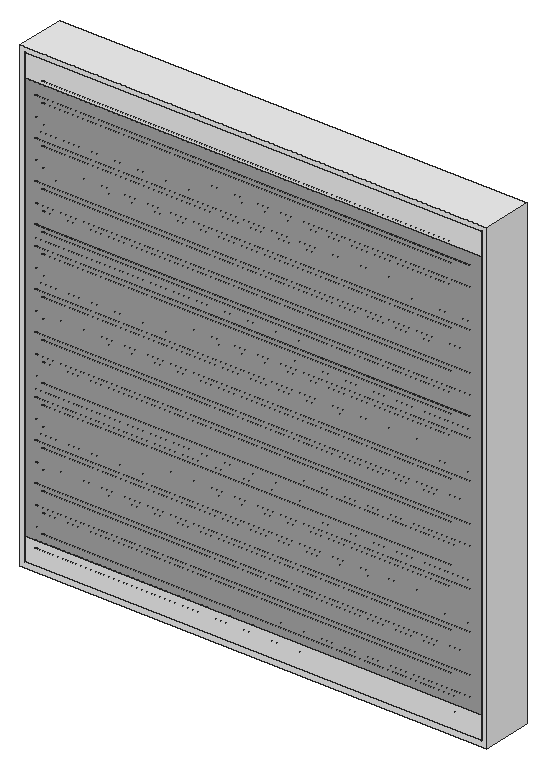
Revit family
Parameters (values of type "Louver_Wind-Drvn-Rn_ECD-445_All-Lite")
  Warranty = "http://www.alllite-louvers.com/All-Lite_Warranty.pdf"
  URL = "http://www.alllite-louvers.com"
  Specifications = "http://www.alllite-louvers.com/catalog/AECD-445-csi-specification.doc"
  Spacing = 0.167 ft
  SmartBIM Object Version = 3  # constant formula
  SmartBIM Object Created By = "Reed Construction Data"  # constant formula
  Shim Thickness = 0.042 ft
  Screen Width = Width - (2 * Shim Thickness) - 2 * 0.072917 ft  # 3.770167 ft
  Screen Height = Height - (2 * 0.239583 ft)  # 3.520833 ft
  Screen = Aluminum
  Rough Width = 0.0 ft
  Rough Height = 0.0 ft
  Product URL = "http://www.alllite-louvers.com/catalog.php?model=ECD-445"
  Pressure Loss (in.wg.) = "0.31"
  OmniClass Title = "Exterior Louvers and Grilles"  # constant formula
  OmniClass Code = "23-60 11 17"  # constant formula
  Model = "ECD-445"  # constant formula
  Minimum Size = "6\" x 8\""
  Maximum Size - Single Section = "60\" x 120\" or 120\" x 60\""
  Maximum Size - Multiple Section = "Unlimited"
  Manufacturer = "All-Lite"  # constant formula
  Blades = Mill finish, 6063-T5 Extruded Aluminum
  Installation = "http://www.alllite-louvers.com/catalog/Installation.pdf"
  Height = 4.0 ft
  Free Area for 48”x48” Louver = "43.3%"
  Free Area Velocity (fpm) = "1250"
  Free Area (ft²) for 48"x48" Louver = 6.9 ft
  Frame = Mill finish, 6063-T5 Extruded Aluminum
  Default Sill Height = 3.0 ft
  Wall Closure = (empty or 0)
  Width = 4.0 ft
  Cut Sheet = "http://www.alllite-louvers.com/catalog/AECD445.pdf"
  Assembly Code = "B2010300"
  Air Volume Delivered (cfm) = "8585"
  95 CSI = "10200 "  # constant formula
  04 CSI = "08 91 00"  # constant formula
  # of Blades = (Height - 0.25 ft) / (Spacing)  # 22
Reference planes (ft)
  plane 1 "Center (Front/Back)": y = 0
  plane 2: z = 0.291667
  plane 3 "Center (Left/Right)": x = 0
  plane 4 "Left": x = -2
  plane 5 "Right": x = 2
  plane 6 "Sill": z = 3.291667
  plane 7 "Top": z = 7.291667
  plane 8: x = -1.958
  plane 9: x = 1.958
  plane 10: z = 7.249667
  plane 11: z = 3.333667
  plane 12: z = 5.291667
  plane 13: z = 3.417
  plane 14: z = 3.458667
  plane 15: z = 7.166333
  plane 16: z = 7.124667
Forms (ft)
  Sweep 1, solid, material "Mill finish, 6063-T5 Extruded Aluminum" <- "Frame"
    path origin (-5, 0.333333, 0) x (-1, 0, 0) y (0, 0, 1)
      loop
        line (-6.958, 7.249667) -> (-3.042, 7.249667)
    profile "Horizontal Mullion : Horizontal Mullion" origin (0, 0.333333, 7.249667) x (0, 0, 1) y (0, 1, 0)
      loop
        line (0, 0) -> (-0.083333, 0) -> (-0.083333, -0.416667) -> (-0.197917, -0.416667) -> (-0.197917, -0.423417) -> (0, -0.423417) -> (0, -0.38175) -> (-0.00675, -0.38175) -> (-0.00675, -0.416667) -> (-0.076583, -0.416667) -> (-0.076583, -0.006628) -> (-0.00675, -0.006628) -> (-0.00675, -0.041545) -> (0, -0.041545) -> (0, 0)
  Sweep 2, solid, material "Mill finish, 6063-T5 Extruded Aluminum" <- "Frame"
    path origin (-5, 0.333333, 0) x (-1, 0, 0) y (0, 0, 1)
      loop
        line (-6.958, 3.333667) -> (-3.042, 3.333667)
    profile "Horizontal Mullion : Horizontal Mullion" origin (0, 0.333333, 3.333667) x (0, 0, 1) y (0, 1, 0)
      loop
        line (0, 0) -> (0, -0.041545) -> (0.00675, -0.041545) -> (0.00675, -0.006628) -> (0.076583, -0.006628) -> (0.076583, -0.416667) -> (0.00675, -0.416667) -> (0.00675, -0.38175) -> (0, -0.38175) -> (0, -0.423417) -> (0.197917, -0.423417) -> (0.197917, -0.416667) -> (0.083333, -0.416667) -> (0.083333, 0) -> (0, 0)
  Sweep 3, solid, material "Mill finish, 6063-T5 Extruded Aluminum" <- "Frame"
    path origin (-5, 0.333333, 0) x (-1, 0, 0) y (0, 0, 1)
      loop
        line (-6.958, 3.417) -> (-6.958, 7.166333)
    profile "Vertical Mullion : Vertical Mullion" origin (1.958, 0.333333, 5.291667) x (1, 0, 0) y (0, 1, 0)
      loop
        line (-0.060752, -0.13838) -> (-0.066666, -0.141633) -> (-0.072917, -0.141633) -> (-0.072917, -0.149068) -> (-0.047462, -0.149068) -> (-0.047462, -0.163238) -> (-0.072917, -0.163238) -> (-0.072917, -0.169988) -> (-0.047462, -0.169988) -> (-0.047462, -0.184154) -> (-0.072917, -0.184154) -> (-0.072917, -0.190904) -> (-0.047462, -0.190904) -> (-0.047462, -0.20507) -> (-0.072917, -0.20507) -> (-0.072917, -0.21182) -> (-0.047462, -0.21182) -> (-0.047462, -0.225983) -> (-0.072917, -0.225983) -> (-0.072917, -0.232733) -> (-0.047462, -0.232733) -> (-0.047462, -0.246896) -> (-0.072917, -0.246896) -> (-0.072917, -0.253646) -> (-0.047462, -0.253646) -> (-0.047462, -0.267809) -> (-0.072917, -0.267809) -> (-0.072917, -0.274559) -> (-0.047462, -0.274559) -> (-0.047462, -0.288724) -> (-0.072917, -0.288724) -> (-0.072917, -0.295474) -> (-0.066666, -0.295474) -> (-0.060752, -0.298727)
        arc (-0.060752, -0.298727) -> (-0.047462, -0.302141) -> (-0.060752, -0.305555) r 0.007083
        line (-0.060752, -0.305555) -> (-0.066666, -0.308808) -> (-0.072917, -0.308808) -> (-0.072917, -0.373107) -> (-0.047462, -0.373107) -> (-0.047462, -0.388594) -> (-0.072917, -0.388594) -> (-0.072917, -0.394432) -> (-0.047462, -0.394432) -> (-0.047462, -0.409918) -> (-0.083333, -0.409918) -> (-0.083333, -0.416667) -> (0, -0.416667) -> (0, -0.389085) -> (-0.00675, -0.389085) -> (-0.00675, -0.409918) -> (-0.040712, -0.409918) -> (-0.040712, -0.366357) -> (-0.066167, -0.366357) -> (-0.066167, -0.315558) -> (-0.040712, -0.315558) -> (-0.040712, -0.121549) -> (-0.066167, -0.121549) -> (-0.066167, -0.070765) -> (-0.040712, -0.070765) -> (-0.040712, -0.049849) -> (0, -0.049849) -> (0, -0.000002) -> (-0.083333, -0.000002) -> (-0.083333, -0.006752) -> (-0.00675, -0.006752) -> (-0.00675, -0.043099) -> (-0.072917, -0.043099) -> (-0.072917, -0.049849) -> (-0.047462, -0.049849) -> (-0.047462, -0.064015) -> (-0.072917, -0.064015) -> (-0.072917, -0.128299) -> (-0.066666, -0.128299) -> (-0.060752, -0.131552)
        arc (-0.060752, -0.131552) -> (-0.047462, -0.134966) -> (-0.060752, -0.13838) r 0.007083
  Sweep 4, solid, material "Mill finish, 6063-T5 Extruded Aluminum" <- "Frame"
    path origin (5, 0.333333, 0) x (1, 0, 0) y (0, 0, -1)
      loop
        line (-6.958, -3.417) -> (-6.958, -7.166333)
    profile "Vertical Mullion : Vertical Mullion" origin (-1.958, 0.333333, 5.291667) x (1, 0, 0) y (0, 1, 0)
      loop
        arc (0.060752, -0.13838) -> (0.047462, -0.134966) -> (0.060752, -0.131552) r 0.007083
        line (0.060752, -0.131552) -> (0.066666, -0.128299) -> (0.072917, -0.128299) -> (0.072917, -0.064015) -> (0.047462, -0.064015) -> (0.047462, -0.049849) -> (0.072917, -0.049849) -> (0.072917, -0.043099) -> (0.00675, -0.043099) -> (0.00675, -0.006752) -> (0.083333, -0.006752) -> (0.083333, -0.000002) -> (0, -0.000002) -> (0, -0.049849) -> (0.040712, -0.049849) -> (0.040712, -0.070765) -> (0.066167, -0.070765) -> (0.066167, -0.121549) -> (0.040712, -0.121549) -> (0.040712, -0.315558) -> (0.066167, -0.315558) -> (0.066167, -0.366357) -> (0.040712, -0.366357) -> (0.040712, -0.409918) -> (0.00675, -0.409918) -> (0.00675, -0.389085) -> (0, -0.389085) -> (0, -0.416667) -> (0.083333, -0.416667) -> (0.083333, -0.409918) -> (0.047462, -0.409918) -> (0.047462, -0.394432) -> (0.072917, -0.394432) -> (0.072917, -0.388594) -> (0.047462, -0.388594) -> (0.047462, -0.373107) -> (0.072917, -0.373107) -> (0.072917, -0.308808) -> (0.066666, -0.308808) -> (0.060752, -0.305555)
        arc (0.060752, -0.305555) -> (0.047462, -0.302141) -> (0.060752, -0.298727) r 0.007083
        line (0.060752, -0.298727) -> (0.066666, -0.295474) -> (0.072917, -0.295474) -> (0.072917, -0.288724) -> (0.047462, -0.288724) -> (0.047462, -0.274559) -> (0.072917, -0.274559) -> (0.072917, -0.267809) -> (0.047462, -0.267809) -> (0.047462, -0.253646) -> (0.072917, -0.253646) -> (0.072917, -0.246896) -> (0.047462, -0.246896) -> (0.047462, -0.232733) -> (0.072917, -0.232733) -> (0.072917, -0.225983) -> (0.047462, -0.225983) -> (0.047462, -0.21182) -> (0.072917, -0.21182) -> (0.072917, -0.20507) -> (0.047462, -0.20507) -> (0.047462, -0.190904) -> (0.072917, -0.190904) -> (0.072917, -0.184154) -> (0.047462, -0.184154) -> (0.047462, -0.169988) -> (0.072917, -0.169988) -> (0.072917, -0.163238) -> (0.047462, -0.163238) -> (0.047462, -0.149068) -> (0.072917, -0.149068) -> (0.072917, -0.141633) -> (0.066666, -0.141633) -> (0.060752, -0.13838)
  Sweep 5, solid, material "Mill finish, 6063-T5 Extruded Aluminum" <- "Frame"
    path origin (-5, 0.333333, 0) x (-1, 0, 0) y (0, 0, 1)
      loop
        line (-3, 7.291667) -> (-7, 7.291667) -> (-7, 3.291667) -> (-3, 3.291667) -> (-3, 7.291667)
    profile origin (-2, 0.333333, 5.291667) x (0, 1, 0) y (-1, 0, 0)
      loop
        line (0, 0) -> (-0.423417, 0) -> (-0.423417, -0.042) -> (0, -0.042) -> (0, 0)
  Extrusion 6, solid, material "Aluminum" <- "Screen"
    sketch origin (-5, 0.333333, 0) x (-1, 0, 0) y (0, 0, 1)
      loop
        line (-3.042, 7.05175) -> (-6.958, 7.05175) -> (-6.958, 3.53125) -> (-3.042, 3.53125) -> (-3.042, 7.05175)
    from -0.423417 to -0.416667
Cuts and joins
  joined: Sweep 2, Sweep 3
Lines and regions (ft)
  Opening 1
    outline origin (-5, -0.333333, 0) x (1, 0, 0) y (0, 0, 1)
      loop
        line (3, 7.291667) -> (3, 3.291667) -> (7, 3.291667) -> (7, 7.291667) -> (3, 7.291667)
  Masking region 1, detail levels coarse+medium
    outline origin (0, 0, 0) x (1, 0, 0) y (0, 1, 0)
      loop
        line (-2, -0.090083) -> (-1.885083, -0.090083) -> (-1.885083, 0.333332) -> (-2, 0.333332) -> (-2, -0.090083)
      loop
        line (1.885083, 0.333333) -> (1.885083, -0.090083) -> (2, -0.090083) -> (2, 0.333333) -> (1.885083, 0.333333)
  Masking region 2, detail levels fine
    outline origin (0, 0, 0) x (1, 0, 0) y (0, 1, 0)
      loop
        line (1.958, 0.333333) -> (1.874667, 0.333333) -> (1.874667, 0.326582) -> (1.95125, 0.326582) -> (1.95125, 0.290234) -> (1.885083, 0.290234) -> (1.885083, 0.283484) -> (1.910538, 0.283484) -> (1.910538, 0.269319) -> (1.885083, 0.269319) -> (1.885083, 0.205034) -> (1.891334, 0.205034) -> (1.897248, 0.201781)
        arc (1.897248, 0.201781) -> (1.910538, 0.198367) -> (1.897248, 0.194953) r 0.007083
        line (1.897248, 0.194953) -> (1.891334, 0.1917) -> (1.885083, 0.1917) -> (1.885083, 0.184266) -> (1.910538, 0.184266) -> (1.910538, 0.170095) -> (1.885083, 0.170095) -> (1.885083, 0.163345) -> (1.910538, 0.163345) -> (1.910538, 0.149179) -> (1.885083, 0.149179) -> (1.885083, 0.142429) -> (1.910538, 0.142429) -> (1.910538, 0.128263) -> (1.885083, 0.128263) -> (1.885083, 0.121513) -> (1.910538, 0.121513) -> (1.910538, 0.10735) -> (1.885083, 0.10735) -> (1.885083, 0.1006) -> (1.910538, 0.1006) -> (1.910538, 0.086437) -> (1.885083, 0.086437) -> (1.885083, 0.079687) -> (1.910538, 0.079687) -> (1.910538, 0.065524) -> (1.885083, 0.065524) -> (1.885083, 0.058774) -> (1.910538, 0.058774) -> (1.910538, 0.04461) -> (1.885083, 0.04461) -> (1.885083, 0.03786) -> (1.891334, 0.03786) -> (1.897248, 0.034606)
        arc (1.897248, 0.034606) -> (1.910538, 0.031192) -> (1.897248, 0.027779) r 0.007083
        line (1.897248, 0.027779) -> (1.891334, 0.024525) -> (1.885083, 0.024525) -> (1.885083, -0.039774) -> (1.910538, -0.039774) -> (1.910538, -0.05526) -> (1.885083, -0.05526) -> (1.885083, -0.061099) -> (1.910538, -0.061099) -> (1.910538, -0.076585) -> (1.874667, -0.076585) -> (1.874667, -0.083333) -> (1.958, -0.083333) -> (1.958, -0.055752) -> (1.95125, -0.055752) -> (1.95125, -0.076585) -> (1.917288, -0.076585) -> (1.917288, -0.033024) -> (1.891833, -0.033024) -> (1.891833, 0.017775) -> (1.917288, 0.017775) -> (1.917288, 0.211784) -> (1.891833, 0.211784) -> (1.891833, 0.262569) -> (1.917288, 0.262569) -> (1.917288, 0.283484) -> (1.958, 0.283484) -> (1.958, 0.333333)
      loop
        line (-1.95125, 0.326582) -> (-1.874667, 0.326582) -> (-1.874667, 0.333332) -> (-1.958, 0.333332) -> (-1.958, 0.283484) -> (-1.917288, 0.283484) -> (-1.917288, 0.262569) -> (-1.891833, 0.262569) -> (-1.891833, 0.211784) -> (-1.917288, 0.211784) -> (-1.917288, 0.017775) -> (-1.891833, 0.017775) -> (-1.891833, -0.033024) -> (-1.917288, -0.033024) -> (-1.917288, -0.076585) -> (-1.95125, -0.076585) -> (-1.95125, -0.055752) -> (-1.958, -0.055752) -> (-1.958, -0.083333) -> (-1.874667, -0.083333) -> (-1.874667, -0.076585) -> (-1.910538, -0.076585) -> (-1.910538, -0.061099) -> (-1.885083, -0.061099) -> (-1.885083, -0.05526) -> (-1.910538, -0.05526) -> (-1.910538, -0.039774) -> (-1.885083, -0.039774) -> (-1.885083, 0.024525) -> (-1.891334, 0.024525) -> (-1.897248, 0.027779)
        arc (-1.897248, 0.027779) -> (-1.910538, 0.031192) -> (-1.897248, 0.034606) r 0.007083
        line (-1.897248, 0.034606) -> (-1.891334, 0.03786) -> (-1.885083, 0.03786) -> (-1.885083, 0.04461) -> (-1.910538, 0.04461) -> (-1.910538, 0.058774) -> (-1.885083, 0.058774) -> (-1.885083, 0.065524) -> (-1.910538, 0.065524) -> (-1.910538, 0.079687) -> (-1.885083, 0.079687) -> (-1.885083, 0.086437) -> (-1.910538, 0.086437) -> (-1.910538, 0.1006) -> (-1.885083, 0.1006) -> (-1.885083, 0.10735) -> (-1.910538, 0.10735) -> (-1.910538, 0.121513) -> (-1.885083, 0.121513) -> (-1.885083, 0.128263) -> (-1.910538, 0.128263) -> (-1.910538, 0.142429) -> (-1.885083, 0.142429) -> (-1.885083, 0.149179) -> (-1.910538, 0.149179) -> (-1.910538, 0.163345) -> (-1.885083, 0.163345) -> (-1.885083, 0.170095) -> (-1.910538, 0.170095) -> (-1.910538, 0.184266) -> (-1.885083, 0.184266) -> (-1.885083, 0.1917) -> (-1.891334, 0.1917) -> (-1.897248, 0.194953)
        arc (-1.897248, 0.194953) -> (-1.910538, 0.198367) -> (-1.897248, 0.201781) r 0.007083
        line (-1.897248, 0.201781) -> (-1.891334, 0.205034) -> (-1.885083, 0.205034) -> (-1.885083, 0.269319) -> (-1.910538, 0.269319) -> (-1.910538, 0.283484) -> (-1.885083, 0.283484) -> (-1.885083, 0.290234) -> (-1.95125, 0.290234) -> (-1.95125, 0.326582)
Text (ft)
  text "EXTERIOR" at (-4.890733, 4.242245, 0), in view "Ref. Level"
  text "INTERIOR" at (-4.890733, -3.147199, 0), in view "Ref. Level"
  text "Exterior" at (0, 3.638026, 10.266337), in view "Left"
  text "Exterior" at (0, 1.524487, 10.420622), in view "Right"
Dimensions and locks (ft)
  equal spacing: plane 4 "Left", plane 3 "Center (Left/Right)", plane 5 "Right"
  "Width": plane 4 "Left" to plane 5 "Right"
  "Height": plane 6 "Sill" to plane 7 "Top"
  "Default Sill Height": plane 2 to plane 6 "Sill"
  "Shim Thickness": plane 4 "Left" to plane 8
  "Shim Thickness": plane 9 to plane 5 "Right"
  "Shim Thickness": plane 10 to plane 7 "Top"
  "Shim Thickness": plane 6 "Sill" to plane 11
  equal spacing: plane 11, plane 12, plane 10
  locked: plane 13 to plane 11 at 0.083333
  locked: plane 14 to plane 13 at 0.041667
  locked: plane 10 to plane 15 at 0.083333
  locked: plane 15 to plane 16 at 0.041667
  Extrusion 6 to plane 6 "Sill" = 0.239583 ft
  equal spacing: group 1, group 3, group 4, group 5, group 6, group 7, group 8, group 9, group 10, group 11, group 12, group 13, group 14, group 15, group 16, group 17, group 18, group 19, group 20, group 21, group 22, group 2  (x3)
  aligned and locked: plane 7 "Top" to Opening 1 sketch curve
  aligned and locked: plane 6 "Sill" to Opening 1 sketch curve  (x2)
  aligned and locked: plane 5 "Right" to Opening 1 sketch curve
  aligned and locked: plane 4 "Left" to Opening 1 sketch curve
  aligned and locked: plane 10 to Sweep 1 sketch curve
  aligned and locked: plane 8 to Sweep 1 sketch curve
  aligned and locked: plane 9 to Sweep 1 sketch curve
  aligned and locked: Sweep 2 sketch curve to plane 11
  aligned and locked: plane 9 to Sweep 2 sketch curve
  aligned and locked: plane 8 to Sweep 2 sketch curve
  aligned and locked: plane 9 to Sweep 3 sketch curve
  aligned and locked: Sweep 4 sketch curve to plane 8
  aligned and locked: cut or joined group of Sweep 2, Sweep 3 to Sweep 3 sketch curve
  aligned and locked: Sweep 4 sketch curve to cut or joined group of Sweep 2, Sweep 3
  aligned and locked: Sweep 1 to Sweep 4 sketch curve
  aligned and locked: Sweep 5 sketch curve to plane 4 "Left"
  aligned and locked: Sweep 5 sketch curve to plane 7 "Top"
  aligned and locked: Sweep 5 sketch curve to plane 6 "Sill"
  aligned and locked: Sweep 5 sketch curve to plane 5 "Right"
  aligned and locked: Sweep 5 sketch curve to host wall  (x2)
  aligned and locked: plane 8 to Sweep 5 sketch curve
  aligned and locked: cut or joined group of Sweep 2, Sweep 3 to Sweep 5 sketch curve
  aligned and locked: plane 15 to Sweep 3 sketch curve
  aligned and locked: Extrusion 6 sketch curve to Sweep 1
  aligned and locked: Sweep 5 to Extrusion 6 sketch curve  (x2)
  aligned: Extrusion 6 to cut or joined group of Sweep 2, Sweep 3
  aligned and locked: Sweep 5 to Extrusion 6
  aligned and locked: plane 3 "Center (Left/Right)" to nested 1
  aligned and locked: plane 14 to nested 1
  aligned and locked: nested 1 to Sweep 4
  aligned and locked: plane 16 to nested 2
  aligned and locked: plane 3 "Center (Left/Right)" to nested 2
  aligned and locked: Sweep 1 to nested 2
  aligned and locked: Masking region 1 sketch curve to plane 4 "Left"
  aligned and locked: Sweep 4 to Masking region 1 sketch curve
  aligned and locked: Masking region 1 sketch curve to Sweep 4
  aligned and locked: Masking region 1 sketch curve to cut or joined group of Sweep 2, Sweep 3
  aligned and locked: Masking region 1 sketch curve to Sweep 5
  aligned and locked: Sweep 5 to Masking region 1 sketch curve
  aligned and locked: Masking region 1 sketch curve to plane 5 "Right"
  aligned and locked: Sweep 5 to Masking region 2 sketch curve
  aligned and locked: Masking region 2 sketch curve to cut or joined group of Sweep 2, Sweep 3  (x70)
  aligned and locked: plane 9 to Masking region 2 sketch curve  (x2)
  aligned and locked: Masking region 2 sketch curve to Sweep 4  (x71)
  aligned and locked: Masking region 2 sketch curve to plane 8  (x2)
  aligned and locked: Extrusion 6 to Masking region 2 sketch curve
  aligned and locked: Masking region 1 to Extrusion 6
Automatic sketch dimensions
  Extrusion 6 sketch curve to plane 6 "Sill" = 0.239583 ft
  host wall to Masking region 1 sketch curve = 0.090083 ft
  Masking region 2 sketch curve to Masking region 2 sketch curve = 0.006748 ft
Nested families (ft)
  nested 1: "Louver" at (0, 0.12541, 3.458667), type "Louver"
    with Louver Length 3.770167 ft
  nested 2: "Louver" at (0, 0.125534, 6.937807), type "Louver"
    with Louver Length 3.770167 ft
  nested 3: "Louver" at (0, 0.125416, 3.62434), type "Louver"
    with Louver Length 3.770167 ft
  nested 4: "Louver" at (0, 0.125422, 3.790013), type "Louver"
    with Louver Length 3.770167 ft
  nested 5: "Louver" at (0, 0.125428, 3.955687), type "Louver"
    with Louver Length 3.770167 ft
  nested 6: "Louver" at (0, 0.125433, 4.12136), type "Louver"
    with Louver Length 3.770167 ft
  nested 7: "Louver" at (0, 0.125439, 4.287033), type "Louver"
    with Louver Length 3.770167 ft
  nested 8: "Louver" at (0, 0.125445, 4.452707), type "Louver"
    with Louver Length 3.770167 ft
  nested 9: "Louver" at (0, 0.125451, 4.61838), type "Louver"
    with Louver Length 3.770167 ft
  nested 10: "Louver" at (0, 0.125457, 4.784053), type "Louver"
    with Louver Length 3.770167 ft
  nested 11: "Louver" at (0, 0.125463, 4.949727), type "Louver"
    with Louver Length 3.770167 ft
  nested 12: "Louver" at (0, 0.125469, 5.1154), type "Louver"
    with Louver Length 3.770167 ft
  nested 13: "Louver" at (0, 0.125475, 5.281073), type "Louver"
    with Louver Length 3.770167 ft
  nested 14: "Louver" at (0, 0.125481, 5.446747), type "Louver"
    with Louver Length 3.770167 ft
  nested 15: "Louver" at (0, 0.125486, 5.61242), type "Louver"
    with Louver Length 3.770167 ft
  nested 16: "Louver" at (0, 0.125492, 5.778093), type "Louver"
    with Louver Length 3.770167 ft
  nested 17: "Louver" at (0, 0.125498, 5.943767), type "Louver"
    with Louver Length 3.770167 ft
  nested 18: "Louver" at (0, 0.125504, 6.10944), type "Louver"
    with Louver Length 3.770167 ft
  nested 19: "Louver" at (0, 0.12551, 6.275113), type "Louver"
    with Louver Length 3.770167 ft
  nested 20: "Louver" at (0, 0.125516, 6.440787), type "Louver"
    with Louver Length 3.770167 ft
  nested 21: "Louver" at (0, 0.125522, 6.60646), type "Louver"
    with Louver Length 3.770167 ft
  nested 22: "Louver" at (0, 0.125528, 6.772134), type "Louver"
    with Louver Length 3.770167 ft
Connectors (ft)
  hvac at (0, -0.090083, 5.2915), driven by "Screen Height", driven by "Screen Width"
    settings: on Extrusion 6, index 1, duct flow 0 CFM, flow factor 0, pres drop 0.00 in-wg, loss coef 0, conn angle 0.00°, conn width 45.242", conn height 42 1/4", conn radius 12", duct sys type 4, conn prof type 1, flow config 0, flow direction 2, loss method 0, conn ref index -1, conn util no, is conn primary yes, conn desc ""
Definition of nested family "Louver"
  Parameters (values of type "Louver")
    q = 0.402344 ft
    Louver Length = 4.75 ft
    Louver Array = yes
    Louver = none
    Assembly Code = ""
  Reference planes (ft)
    plane 1 "Center (Front/Back)": y = 0
    plane 2: z = 0
    plane 3 "Center (Left/Right)": x = 0
    plane 4: x = -2.375
    plane 5: x = 2.375
    plane 6: y = 0.201172
    plane 7: y = -0.201172
    plane 8: z = 0.18686
  Forms (ft)
    Extrusion 1, solid, material <- "Louver", visible <- "Louver Array"
      sketch origin (0, -0.020833, 0) x (0, 1, 0) y (0, 0, 1)
        loop
          arc (0.13468, 0.080242) -> (0.134685, 0.075797) -> (0.136266, 0.071643) r 0.012329
          arc (0.136266, 0.071643) -> (0.141125, 0.070592) -> (0.141287, 0.075561) r 0.003237
          arc (0.141287, 0.075561) -> (0.148732, 0.08377) -> (0.149727, 0.072732) r 0.006051
          arc (0.149727, 0.072732) -> (0.149789, 0.069321) -> (0.153169, 0.068853) r 0.002625
          arc (0.153169, 0.068853) -> (0.156607, 0.072673) -> (0.15797, 0.077628) r 0.011168
          arc (0.15797, 0.077628) -> (0.159196, 0.077084) -> (0.160408, 0.076509) r 0.052796
          line (0.160408, 0.076509) -> (0.216056, 0.000985)
          arc (0.216056, 0.000985) -> (0.219793, 0) -> (0.222005, 0.003168) r 0.003375
          line (0.222005, 0.003168) -> (0.222005, 0.049944)
          arc (0.222005, 0.049944) -> (0.21938, 0.052569) -> (0.216755, 0.049944) r 0.002625
          line (0.216755, 0.049944) -> (0.216755, 0.00928) -> (0.164491, 0.080212)
          arc (0.164491, 0.080212) -> (0.149223, 0.089905) -> (0.131412, 0.086765) r 0.025
          arc (0.131412, 0.086765) -> (0.094659, 0.102308) -> (0.061638, 0.124714) r 0.203822
          arc (0.061638, 0.124714) -> (0.029623, 0.13426) -> (-0.002026, 0.123565) r 0.05513
          arc (-0.002026, 0.123565) -> (-0.008846, 0.120237) -> (-0.016416, 0.11971) r 0.019853
          arc (-0.016416, 0.11971) -> (-0.021197, 0.119534) -> (-0.025911, 0.118717) r 0.035482
          arc (-0.025911, 0.118717) -> (-0.009614, 0.136198) -> (0.004952, 0.155146) r 0.251868
          arc (0.004952, 0.155146) -> (0.033671, 0.181337) -> (0.068791, 0.164685) r 0.034874
          arc (0.068791, 0.164685) -> (0.07264, 0.163748) -> (0.073034, 0.16769) r 0.002625
          arc (0.073034, 0.16769) -> (0.036201, 0.186819) -> (0.002184, 0.16304) r 0.040059
          arc (0.002184, 0.16304) -> (-0.04072, 0.109973) -> (-0.096576, 0.070769) r 0.245447
          arc (-0.096576, 0.070769) -> (-0.115253, 0.077415) -> (-0.118765, 0.057905) r 0.012998
          arc (-0.118765, 0.057905) -> (-0.134735, 0.047206) -> (-0.153586, 0.043447) r 0.049163
          line (-0.153586, 0.043447) -> (-0.175089, 0.043447) -> (-0.175089, 0.048269)
          arc (-0.175089, 0.048269) -> (-0.17379, 0.053912) -> (-0.170154, 0.058419) r 0.012906
          arc (-0.170154, 0.058419) -> (-0.16974, 0.06212) -> (-0.173443, 0.062511) r 0.002625
          arc (-0.173443, 0.062511) -> (-0.178524, 0.056181) -> (-0.180339, 0.048269) r 0.018155
          line (-0.180339, 0.048269) -> (-0.180339, 0.003249)
          arc (-0.180339, 0.003249) -> (-0.178758, 0.000347) -> (-0.175463, 0.000098) r 0.003456
          line (-0.175463, 0.000098) -> (-0.148923, 0.012057)
          arc (-0.148923, 0.012057) -> (-0.147608, 0.015529) -> (-0.151079, 0.016843) r 0.002625
          line (-0.151079, 0.016843) -> (-0.175089, 0.006025) -> (-0.175089, 0.038239) -> (-0.153586, 0.038239)
          arc (-0.153586, 0.038239) -> (-0.132452, 0.042515) -> (-0.114641, 0.05467) r 0.054371
          arc (-0.114641, 0.05467) -> (-0.1111, 0.053464) -> (-0.107362, 0.053316) r 0.013006
          arc (-0.107362, 0.053316) -> (-0.10495, 0.056406) -> (-0.10833, 0.058391) r 0.002606
          arc (-0.10833, 0.058391) -> (-0.1144, 0.071515) -> (-0.100944, 0.066222) r 0.007789
          arc (-0.100944, 0.066222) -> (-0.096656, 0.062211) -> (-0.09322, 0.066972) r 0.003912
          arc (-0.09322, 0.066972) -> (-0.062075, 0.086066) -> (-0.034049, 0.109499) r 0.249719
          arc (-0.034049, 0.109499) -> (-0.025801, 0.113274) -> (-0.016805, 0.114428) r 0.030191
          arc (-0.016805, 0.114428) -> (-0.007392, 0.115148) -> (0.001092, 0.119289) r 0.025144
          arc (0.001092, 0.119289) -> (0.029464, 0.128963) -> (0.058253, 0.120613) r 0.049838
          arc (0.058253, 0.120613) -> (0.094358, 0.096436) -> (0.13468, 0.080242) r 0.209139
      from -2.375 to 2.375
  Dimensions and locks (ft)
    equal spacing: plane 4, plane 3 "Center (Left/Right)", plane 5
    "Louver Length": plane 4 to plane 5
    "q": plane 7 to plane 6
    equal spacing: plane 7, plane 1 "Center (Front/Back)", plane 6
    aligned and locked: Extrusion 1 to plane 4
    aligned and locked: plane 5 to Extrusion 1
  Automatic sketch dimensions
    Extrusion 1 sketch curve to Extrusion 1 sketch curve = 0.0 ft  (x22)
    Extrusion 1 sketch curve to plane 7 = 0.0 ft
    Extrusion 1 sketch curve to plane 6 = 0.0 ft
    plane 7 to Extrusion 1 sketch curve = 0.021449 ft
    Extrusion 1 sketch curve to Extrusion 1 sketch curve = 0.006028 ft
    Extrusion 1 sketch curve to Extrusion 1 sketch curve = 0.000469 ft
    Extrusion 1 sketch curve to Extrusion 1 sketch curve = 0.003456 ft
    level to Extrusion 1 sketch curve = 0.000098 ft
    Extrusion 1 sketch curve to Extrusion 1 sketch curve = 0.00142 ft
    Extrusion 1 sketch curve to plane 7 = 0.00525 ft
    Extrusion 1 sketch curve to Extrusion 1 sketch curve = 0.001794 ft
    Extrusion 1 sketch curve to plane 7 = 0.006895 ft
    Extrusion 1 sketch curve to Extrusion 1 sketch curve = 0.001658 ft
    Extrusion 1 sketch curve to Extrusion 1 sketch curve = 0.001632 ft
    Extrusion 1 sketch curve to Extrusion 1 sketch curve = 0.012906 ft
    Extrusion 1 sketch curve to plane 7 = 0.026752 ft
    Extrusion 1 sketch curve to Extrusion 1 sketch curve = 0.002507 ft
    Extrusion 1 sketch curve to Extrusion 1 sketch curve = 0.001078 ft  (x2)
    Extrusion 1 sketch curve to Extrusion 1 sketch curve = 0.034822 ft
    Extrusion 1 sketch curve to Extrusion 1 sketch curve = 0.004124 ft
    Extrusion 1 sketch curve to Extrusion 1 sketch curve = 0.005908 ft
    Extrusion 1 sketch curve to Extrusion 1 sketch curve = 0.000012 ft
    Extrusion 1 sketch curve to Extrusion 1 sketch curve = 0.006311 ft
    Extrusion 1 sketch curve to Extrusion 1 sketch curve = 0.00082 ft
    Extrusion 1 sketch curve to Extrusion 1 sketch curve = 0.000148 ft
    Extrusion 1 sketch curve to Extrusion 1 sketch curve = 0.007777 ft
    Extrusion 1 sketch curve to Extrusion 1 sketch curve = 0.00391 ft
    Extrusion 1 sketch curve to Extrusion 1 sketch curve = 0.000458 ft
    Extrusion 1 sketch curve to Extrusion 1 sketch curve = 0.003814 ft
    plane 1 "Center (Front/Back)" to Extrusion 1 sketch curve = 0.054882 ft
    Extrusion 1 sketch curve to Extrusion 1 sketch curve = 0.008138 ft
    Extrusion 1 sketch curve to Extrusion 1 sketch curve = 0.016545 ft
    Extrusion 1 sketch curve to Extrusion 1 sketch curve = 0.009105 ft
    Extrusion 1 sketch curve to Extrusion 1 sketch curve = 0.000389 ft
    Extrusion 1 sketch curve to Extrusion 1 sketch curve = 0.002433 ft
    Extrusion 1 sketch curve to Extrusion 1 sketch curve = 0.01439 ft
    Extrusion 1 sketch curve to Extrusion 1 sketch curve = 0.003118 ft
    plane 1 "Center (Front/Back)" to Extrusion 1 sketch curve = 0.018649 ft
    Extrusion 1 sketch curve to Extrusion 1 sketch curve = 0.002768 ft
    Extrusion 1 sketch curve to plane 1 "Center (Front/Back)" = 0.009784 ft
    Extrusion 1 sketch curve to plane 1 "Center (Front/Back)" = 0.017991 ft
    Extrusion 1 sketch curve to Extrusion 1 sketch curve = 0.019429 ft
    Extrusion 1 sketch curve to Extrusion 1 sketch curve = 0.003385 ft
    Extrusion 1 sketch curve to plane 8 = 0.022175 ft
    Extrusion 1 sketch curve to Extrusion 1 sketch curve = 0.029966 ft
    Extrusion 1 sketch curve to Extrusion 1 sketch curve = 0.002332 ft
    Extrusion 1 sketch curve to Extrusion 1 sketch curve = 0.001911 ft
    Extrusion 1 sketch curve to Extrusion 1 sketch curve = 0.069774 ft
    Extrusion 1 sketch curve to Extrusion 1 sketch curve = 0.003268 ft
    Extrusion 1 sketch curve to Extrusion 1 sketch curve = 0.001586 ft
    Extrusion 1 sketch curve to Extrusion 1 sketch curve = 0.00091 ft
    Extrusion 1 sketch curve to Extrusion 1 sketch curve = 0.002868 ft
    Extrusion 1 sketch curve to Extrusion 1 sketch curve = 0.002153 ft
    Extrusion 1 sketch curve to Extrusion 1 sketch curve = 0.00523 ft
    Extrusion 1 sketch curve to Extrusion 1 sketch curve = 0.005522 ft
    Extrusion 1 sketch curve to Extrusion 1 sketch curve = 0.002917 ft
    Extrusion 1 sketch curve to Extrusion 1 sketch curve = 0.002026 ft
    Extrusion 1 sketch curve to Extrusion 1 sketch curve = 0.001416 ft
    Extrusion 1 sketch curve to Extrusion 1 sketch curve = 0.006218 ft
    Extrusion 1 sketch curve to Extrusion 1 sketch curve = 0.002438 ft
    Extrusion 1 sketch curve to Extrusion 1 sketch curve = 0.004082 ft
    Extrusion 1 sketch curve to plane 6 = 0.029964 ft
    level to Extrusion 1 sketch curve = 0.000985 ft
    Extrusion 1 sketch curve to plane 6 = 0.005949 ft
    Extrusion 1 sketch curve to plane 6 = 0.00525 ft
    level to Extrusion 1 sketch curve = 0.003168 ft
    Extrusion 1 sketch curve to Extrusion 1 sketch curve = 0.002776 ft
    Extrusion 1 sketch curve to Extrusion 1 sketch curve = 0.006111 ft
    level to Extrusion 1 sketch curve = 0.012057 ft
    Extrusion 1 sketch curve to Extrusion 1 sketch curve = 0.002393 ft
    level to Extrusion 1 sketch curve = 0.0291 ft
    Extrusion 1 sketch curve to Extrusion 1 sketch curve = 0.021396 ft
    Extrusion 1 sketch curve to Extrusion 1 sketch curve = 0.005208 ft
    Extrusion 1 sketch curve to Extrusion 1 sketch curve = 0.004822 ft
    Extrusion 1 sketch curve to Extrusion 1 sketch curve = 0.040664 ft
    Extrusion 1 sketch curve to Extrusion 1 sketch curve = 0.009868 ft
    Extrusion 1 sketch curve to Extrusion 1 sketch curve = 0.001354 ft
    Extrusion 1 sketch curve to Extrusion 1 sketch curve = 0.002602 ft
    Extrusion 1 sketch curve to Extrusion 1 sketch curve = 0.036282 ft
    Extrusion 1 sketch curve to Extrusion 1 sketch curve = 0.000146 ft
    Extrusion 1 sketch curve to Extrusion 1 sketch curve = 0.00008 ft
    Extrusion 1 sketch curve to Extrusion 1 sketch curve = 0.003471 ft
    Extrusion 1 sketch curve to Extrusion 1 sketch curve = 0.00221 ft
    Extrusion 1 sketch curve to Extrusion 1 sketch curve = 0.006261 ft
    Extrusion 1 sketch curve to Extrusion 1 sketch curve = 0.001501 ft
    level to Extrusion 1 sketch curve = 0.079138 ft
    Extrusion 1 sketch curve to Extrusion 1 sketch curve = 0.003702 ft
    Extrusion 1 sketch curve to Extrusion 1 sketch curve = 0.005106 ft
    Extrusion 1 sketch curve to Extrusion 1 sketch curve = 0.025254 ft
    Extrusion 1 sketch curve to Extrusion 1 sketch curve = 0.004289 ft
    Extrusion 1 sketch curve to Extrusion 1 sketch curve = 0.022132 ft
    Extrusion 1 sketch curve to Extrusion 1 sketch curve = 0.007894 ft
